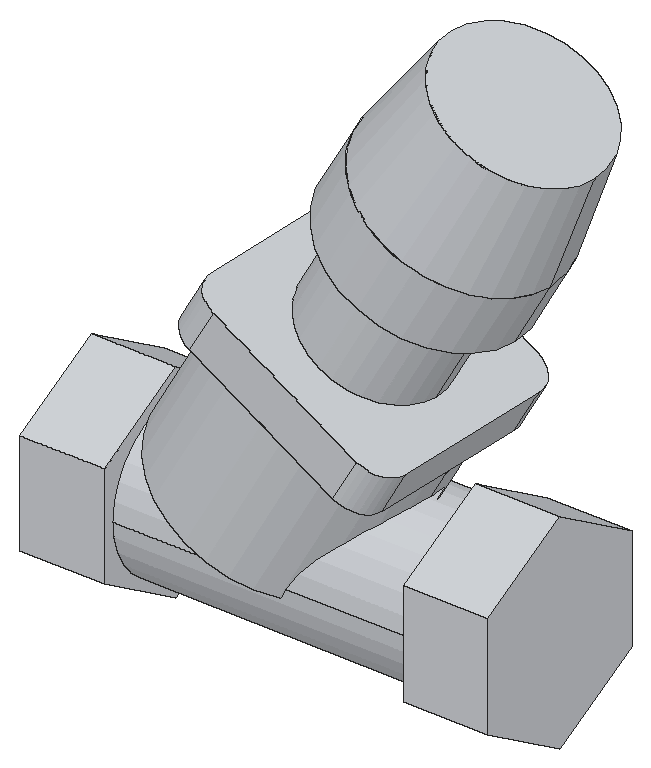
Revit family "OPTIMA_Compact_FF_DN20_5,0_RFA_2018", category Pipe Accessories, Revit 2018
Family settings
  Round Connector Dimension = Use Diameter
  Part Type = Valve - Breaks Into
  Work Plane-Based = No
  Always vertical = Yes
  Cut with Voids When Loaded = No
  Shared = No
Parameters (values of type "OPTIMA Compact DN20 F-F 5.0mm")
  magiProductId = "3fe8f468b8a34e8b9375925b2f5228"
  magiProductFamilyId = "52eeb9fa0c9d42c987a78ea14b42d3"
  magiPartTypeId = 304
  isMeasuringValve [instance] = no
  ang2D [instance] = 0.00°
  Z = 0 mm
  X = 10 mm
  W2D = 32 mm
  VersionID = "2.0/2018.8.28.1/FRESE_OPTIMA-COMPACT-FF_001"
  Use Minimum Symbol Size [instance] = yes
  URL = "www.hydronix.cz"
  Type Comments = "vnitřní závit; PN25; 0~120°C, bez měřicích vsuvek"
  R9 = 8 mm
  R8 = 14 mm
  R7 = 17 mm
  R6 = 12 mm
  R5 = 5 mm
  R4 = 19 mm
  R3 = 19 mm
  R2 = 13.5 mm
  R1 = 17.5 mm
  QmdConnectorList = "301;D;302;D"
  Productdata [instance] = ""
  PLG0 = no
  Manufacturer = "Hydronix"
  MC Product Code = "53-1348  (3/4\" F-F; 5.0mm; Qmin-dpmin 220l/h-16.0kPa; Qmax-dpmin 1330l/h-21.6Pa; dpmax 800kPa)"
  MC Piping Given Pressure Drop [instance] = 0.0 Pa
  LL = 39.5 mm
  L3 = 11 mm
  L2D_Min = 3048 mm
  L2D = 104 mm
  L2 = 50.56 mm
  L1__ve = -L1  # -14.22 mm
  L1 = 14.22 mm
  H6__ve = -H6  # -59.5 mm
  H6 = 59.5 mm
  H5 = 20 mm
  H4 = 12 mm
  H3 = 18 mm
  H2 = 8 mm
  H1 = 26 mm
  Description = "Tlakově nezávislý 2-cestný regulační vyvažovací ventil (PICV)"
  D = 20 mm
  CenSd_R1_6 = R1 * cos(30.00°)  # 15.155 mm
  A = 30.00°
Types (6, lengths in mm): name | magiProductId | Z | X | R4 | R3 | R2 | R1 | MC Product Code | LL | L3 | L2 | L1__ve | L1 | H6__ve | H6 | H3 | H2 | H1 | D | CenSd_R1_6
  OPTIMA Compact DN32 F-F 5.5mm | "b339906595e54d959f7e36e14a5078" | 1 | 13 | 29 | 31.5 | 22 | 26 | "53-1354  (5/4\" F-F; 5.5mm; Qmin-dpmin 550l/h-17.9kPa; Qmax-dpmin 4001l/h-28.0kPa; dpmax 800kPa)" | 52 | 12.5 | 66.56 | -18.72 | 18.72 | -68 | 68 | 16 | 10 | 46 | 32 | 22.517
  OPTIMA Compact DN15 F-F 2.5mm | "1f59e983221c4705b905dca277ac1b" | 0 | 7 | 19 | 19 | 12 | 15 | "53-1344  (1/2\" F-F; 2.5mm; Qmin-dpmin 100l/h-14.9kPa; Qmax-dpmin 575l/h-18.5kPa; dpmax 800kPa)" | 37.5 | 11 | 48 | -13.5 | 13.5 | -57 | 57 | 18 | 8 | 26 | 15 | 12.99
  OPTIMA Compact DN15 F-F 5.0mm | "ed735bb751334d9b9367ccb2001bd8" | 0 | 7 | 19 | 19 | 12 | 15 | "53-1345  (1/2\" F-F; 5.0mm; Qmin-dpmin 220l/h-16.0kPa; Qmax-dpmin 1330l/h-21.6Pa; dpmax 800kPa)" | 37.5 | 11 | 48 | -13.5 | 13.5 | -57 | 57 | 18 | 8 | 26 | 15 | 12.99
  OPTIMA Compact DN20 F-F 5.0mm | "3fe8f468b8a34e8b9375925b2f5228" | 0 | 10 | 19 | 19 | 13.5 | 17.5 | "53-1348  (3/4\" F-F; 5.0mm; Qmin-dpmin 220l/h-16.0kPa; Qmax-dpmin 1330l/h-21.6Pa; dpmax 800kPa)" | 39.5 | 11 | 50.56 | -14.22 | 14.22 | -59.5 | 59.5 | 18 | 8 | 26 | 20 | 15.155
  OPTIMA Compact DN20 F-F 5.5mm | "3f04956b0a9346f48e327241883a91" | 0 | 10 | 19 | 19 | 13.5 | 17.5 | "53-1318  (3/4\" F-F; 5.5mm; Qmin-dpmin 300l/h-17.8kPa; Qmax-dpmin 1800l/h-40.0Pa; dpmax 800kPa)" | 39.5 | 11 | 50.56 | -14.22 | 14.22 | -59.5 | 59.5 | 18 | 8 | 26 | 20 | 15.155
  OPTIMA Compact DN25 F-F 5.5mm | "a6a3417af38f4ebebee56b059e5e27" | 0 | 13 | 29 | 31.5 | 18.5 | 22 | "53-1353  (1\" F-F; 5.5mm; Qmin-dpmin 600l/h-17.3kPa; Qmax-dpmin 3609l/h-23.0Pa; dpmax 800kPa)" | 50 | 12.5 | 64 | -18 | 18 | -64 | 64 | 16 | 10 | 43 | 25 | 19.053
Reference planes
  plane 1 "Center (Front/Back)": y = 0
  plane 2 "XYPLANE": z = 0
  plane 3 "Center (Left/Right)": x = 0
  plane 4 "267": x = 11
  plane 5 "266": x = -11
  plane 6 "252": through (-607.519, 0, 447.746) normal (0.5, 0, 0.866)
  plane 7 "250": through (-617.519, 0, 430.426) normal (0.5, 0, 0.866)
  plane 8 "248": through (-623.519, 0, 420.033) normal (0.5, 0, 0.866)
  plane 9 "245": through (-632.519, 0, 404.445) normal (0.5, 0, 0.866)
  plane 10 "241": through (349.885, 0, 664.019) normal (0.866, 0, -0.5)
  plane 11 "240": through (382.794, 0, 645.019) normal (0.866, 0, -0.5)
  plane 12 "239": y = -19
  plane 13 "238": y = 19
  plane 14 "237": through (-636.519, 0, 397.517) normal (0.5, 0, 0.866)
  plane 15 "235": through (-649.519, 0, 375) normal (0.5, 0, 0.866)
  plane 16 "231": y = 0
  plane 17 "230": through (366.34, 0, 654.519) normal (0.866, 0, -0.5)
  plane 18 "211": x = -25.28
  plane 19 "204": x = 39.5
  plane 20 "203": x = -39.5
  plane 21 "202": x = 0
  plane 22 "201": z = 0
  plane 23 "200": y = 0
  plane 24 "227XY": through (-649.519, 0, 375) normal (0.5, 0, 0.866)
  plane 25 "227XZ": y = 0
  plane 26 "227YZ": through (375, 0, 649.519) normal (0.866, 0, -0.5)
Forms (mm)
  Extrusion 1, solid
    sketch origin (39.5, -750, 0) x (0, 1, 0) y (0, 0, 1)
      loop
        line (750, 17.5) -> (734.845, 8.75) -> (734.845, -8.75) -> (750, -17.5) -> (765.155, -8.75) -> (765.155, 8.75) -> (750, 17.5)
    from 0 to -14.22 <- "L1__ve"
  Extrusion 2, solid
    sketch origin (-39.5, -750, 0) x (0, 1, 0) y (0, 0, 1)
      loop
        line (750, 17.5) -> (734.845, 8.75) -> (734.845, -8.75) -> (750, -17.5) -> (765.155, -8.75) -> (765.155, 8.75) -> (750, 17.5)
    from 0 to 14.22 <- "L1"
  Extrusion 3, solid, visible <- "PLG0"
    sketch origin (-750, 0, 0) x (1, 0, 0) y (0, 1, 0)
      loop
        circle (761, 0) r 8
    from 0 to -59.5 <- "H6__ve"
  Extrusion 4, solid, visible <- "PLG0"
    sketch origin (-750, 0, 0) x (1, 0, 0) y (0, 1, 0)
      loop
        circle (739, 0) r 8
    from 0 to -59.5 <- "H6__ve"
  Blend 5, solid
    base sketch origin (-617.519, 0, 430.426) x (0.866025, 0, -0.5) y (0, 1, 0)
      loop
        circle (740, 0) r 17
    top sketch origin (-617.519, 0, 430.426) x (0.866025, 0, -0.5) y (0, 1, 0)
      loop
        circle (740, 0) r 14
    from 0 to 20
  Extrusion 6, solid
    sketch origin (-623.519, 0, 420.033) x (0.866025, 0, -0.5) y (0, 1, 0)
      loop
        circle (740, 0) r 17
    from 0 to 12 <- "H4"
  Extrusion 7, solid
    sketch origin (-632.519, 0, 404.445) x (0.866025, 0, -0.5) y (0, 1, 0)
      loop
        circle (740, 0) r 12
    from 0 to 18 <- "H3"
  Extrusion 8, solid
    sketch origin (-636.519, 0, 397.517) x (0.866025, 0, -0.5) y (0, 1, 0)
      loop
        arc (726, 19) -> (722.464, 17.536) -> (721, 14) r 5
        line (721, 14) -> (721, -14)
        arc (721, -14) -> (722.464, -17.536) -> (726, -19) r 5
        line (726, -19) -> (754, -19)
        arc (754, -19) -> (757.536, -17.536) -> (759, -14) r 5
        line (759, -14) -> (759, 14)
        arc (759, 14) -> (757.536, 17.536) -> (754, 19) r 5
        line (754, 19) -> (726, 19)
    from 0 to 8 <- "H2"
  Extrusion 9, solid
    sketch origin (-649.519, 0, 375) x (0.866025, 0, -0.5) y (0, 1, 0)
      loop
        circle (740, 0) r 19
    from 0 to 26 <- "H1"
  Extrusion 10, solid
    sketch origin (-25.28, -750, 0) x (0, 1, 0) y (0, 0, 1)
      loop
        circle (750, 0) r 13.5
    from 0 to 50.56 <- "L2"
  Extrusion 11, solid, not visible
    sketch origin (39.5, -750, 0) x (0, 1, 0) y (0, 0, 1)
      loop
        circle (750, 0) r 10
    from 0 to -10
  Extrusion 12, solid, not visible
    sketch origin (-39.5, -750, 0) x (0, 1, 0) y (0, 0, 1)
      loop
        circle (750, 0) r 10
    from 0 to 10
Lines and regions (mm)
  reference lines, not visible
    curve 1: circle (2, 2, 0) r 1 normal (0, 0, 1)
  reference lines
    curve 2: line (39.5, 0, 0) -> (39.5, -11.258, -6.5)
    curve 3: line (39.5, 0, 0) -> (39.5, 0, -13)
    curve 4: line (39.5, 0, 0) -> (39.5, 11.258, -6.5)
    curve 5: line (-39.5, 0, 0) -> (-39.5, 11.258, -6.5)
    curve 6: line (-39.5, 0, 0) -> (-39.5, 0, -13)
    curve 7: line (-39.5, 0, 0) -> (-39.5, -11.258, -6.5)
Dimensions and locks
  plane 1 "Center (Front/Back)" to curve 1 = 2 mm
  "L3": plane 3 "Center (Left/Right)" to plane 4 "267"
  "L3": plane 3 "Center (Left/Right)" to plane 5 "266"
  "H5": plane 7 "250" to plane 6 "252"
  "H4": plane 8 "248" to plane 7 "250"
  "H3": plane 9 "245" to plane 8 "248"
  "H2": plane 14 "237" to plane 9 "245"
  "R4": plane 17 "230" to plane 10 "241"
  "R4": plane 17 "230" to plane 11 "240"
  "R4": plane 23 "200" to plane 12 "239"
  "R4": plane 23 "200" to plane 13 "238"
  "H1": plane 15 "235" to plane 14 "237"
  "Z": plane 24 "227XY" to plane 15 "235"
  locked: plane 23 "200" to plane 16 "231"
  "X": plane 26 "227YZ" to plane 17 "230"
  "L1": plane 20 "203" to plane 18 "211"
  "LL": plane 3 "Center (Left/Right)" to plane 19 "204"
  "LL": plane 3 "Center (Left/Right)" to plane 20 "203"
  locked: plane 3 "Center (Left/Right)" to plane 21 "202"
  locked: plane 2 "XYPLANE" to plane 22 "201"
  locked: plane 1 "Center (Front/Back)" to plane 23 "200"
  "CenSd_R1_6": curve 2 to Extrusion 1 sketch curve  (x2)
  "CenSd_R1_6": curve 3 to Extrusion 1 sketch curve  (x2)
  "CenSd_R1_6": curve 4 to Extrusion 1 sketch curve  (x2)
  Extrusion 1 sketch curve to Extrusion 1 sketch curve = 0 mm  (x12)
  "CenSd_R1_6": curve 5 to Extrusion 2 sketch curve  (x2)
  "CenSd_R1_6": curve 6 to Extrusion 2 sketch curve  (x2)
  "CenSd_R1_6": curve 7 to Extrusion 2 sketch curve  (x2)
  Extrusion 2 sketch curve to Extrusion 2 sketch curve = 0 mm  (x12)
  Extrusion 8 sketch curve to Extrusion 8 sketch curve = 0 mm  (x16)
  "R9": radius of Extrusion 3 sketch curve
  "R9": radius of Extrusion 4 sketch curve
  "R8": radius of Blend 5 sketch curve
  "R7": radius of Blend 5 sketch curve
  "R7": radius of Extrusion 6 sketch curve
  "R6": radius of Extrusion 7 sketch curve
  "R5": radius of Extrusion 8 sketch curve  (x4)
  "R3": radius of Extrusion 9 sketch curve
  "R2": radius of Extrusion 10 sketch curve
  locked: curve 3 to curve 2 (angle 60.00°)
  locked: curve 4 to curve 3 (angle 60.00°)
  locked: curve 4 to curve 2 (angle 120.00°)
  locked: curve 6 to curve 5 (angle 60.00°)
  locked: curve 7 to curve 6 (angle 60.00°)
  locked: curve 7 to curve 5 (angle 120.00°)
  aligned and locked: level to plane 2 "XYPLANE"
  aligned and locked: plane 22 "201" to curve 4
  aligned and locked: curve 4 to plane 23 "200"
  aligned and locked: plane 22 "201" to curve 7
  aligned and locked: curve 7 to plane 23 "200"
  aligned and locked: plane 4 "267" to Extrusion 3 sketch curve
  aligned and locked: plane 23 "200" to Extrusion 3 sketch curve
  aligned and locked: plane 5 "266" to Extrusion 4 sketch curve
  aligned and locked: plane 23 "200" to Extrusion 4 sketch curve
  aligned and locked: plane 16 "231" to Blend 5 sketch curve  (x2)
  aligned and locked: Blend 5 sketch curve to plane 17 "230"  (x2)
  aligned and locked: plane 6 "252" to Blend 5
  aligned and locked: plane 16 "231" to Extrusion 6 sketch curve
  aligned and locked: Extrusion 6 sketch curve to plane 17 "230"
  aligned and locked: plane 16 "231" to Extrusion 7 sketch curve
  aligned and locked: Extrusion 7 sketch curve to plane 17 "230"
  aligned and locked: Extrusion 8 sketch curve to plane 10 "241"
  aligned and locked: Extrusion 8 sketch curve to plane 12 "239"
  aligned and locked: Extrusion 8 sketch curve to plane 11 "240"
  aligned and locked: plane 13 "238" to Extrusion 8 sketch curve
  aligned and locked: plane 16 "231" to Extrusion 9 sketch curve
  aligned and locked: Extrusion 9 sketch curve to plane 17 "230"
  aligned and locked: plane 22 "201" to Extrusion 10 sketch curve
  aligned and locked: Extrusion 10 sketch curve to plane 23 "200"
  aligned and locked: plane 22 "201" to Extrusion 11 sketch curve
  aligned and locked: Extrusion 11 sketch curve to plane 23 "200"
  aligned and locked: plane 22 "201" to Extrusion 12 sketch curve
  aligned and locked: Extrusion 12 sketch curve to plane 23 "200"
Automatic sketch dimensions
  plane 1 "Center (Front/Back)" to Extrusion 11 sketch curve = 10 mm
  plane 1 "Center (Front/Back)" to Extrusion 12 sketch curve = 10 mm
  plane 3 "Center (Left/Right)" to curve 1 = 2 mm
  radius of curve 1 = 1 mm
Connectors
  piping at (-39.5, 0, 0), diameter 20, driven by "D"
    settings: on Extrusion 12, index 1, connector inside diameter 609.6 mm, connector length 0 mm, flow factor 0, pipe flow 0.0 L/s, pressure drop 0.0 Pa, fitting loss kfactor 0, connector angle 0.00°, fixture units 0, engagement length 0 mm, angle of deflection 0.00°, flow configuration 0, flow direction 0, fitting loss method 0, system type 29, joint type 0, gender type 0, connector reference index 2, connector utility 0, adjustable connector no, is connector primary yes, connector description ""
  piping at (39.5, 0, 0), diameter 20, driven by "D"
    settings: on Extrusion 11, index 2, connector inside diameter 609.6 mm, connector length 0 mm, flow factor 0, pipe flow 0.0 L/s, pressure drop 0.0 Pa, fitting loss kfactor 0, connector angle 0.00°, fixture units 0, engagement length 0 mm, angle of deflection 0.00°, flow configuration 0, flow direction 0, fitting loss method 0, system type 29, joint type 0, gender type 0, connector reference index 1, connector utility 0, adjustable connector no, is connector primary no, connector description ""
